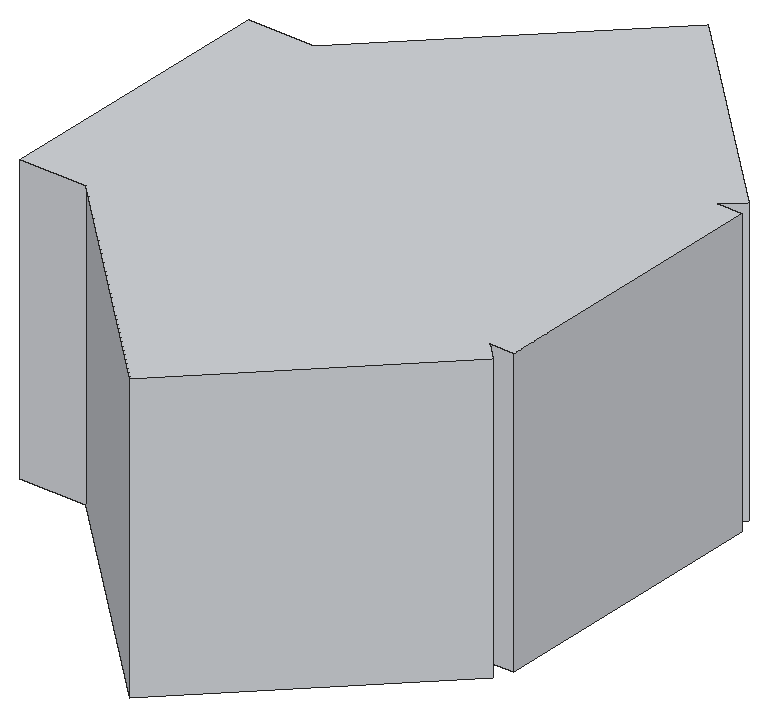
Revit family "M_Rectangular Double Wye", category Duct Fittings, Revit 2014
Parameters (values of type "Standard")
  Duct Width 4 [instance] = 300 mm
  Duct Width 3 [instance] = 300 mm
  Duct Width 1 [instance] = 300 mm
  built-in parameter 1114242 [instance] = 1
  Shoulder = 25 mm
  Length4a [instance] = if(Angle4 = 90.00°, (Duct Width 1 / 2), (Duct Width 1 / 2) / sin(Angle4) + (Duct Width 4) / (tan(Angle4) * 2))  # 362.132 mm
  Length4 [instance] = Length4a + Shoulder  # 387.132 mm
  Length3a [instance] = if(Angle3 = 90.00°, (Duct Width 1 / 2), (Duct Width 1 / 2) / sin(Angle3) + (Duct Width 3) / (tan(Angle3) * 2))  # 362.132 mm
  Length3 [instance] = Length3a + Shoulder  # 387.132 mm
  Length2b [instance] = (Length4a) * cos(Angle4) + (sin(Angle4) * (Duct Width 4 / 2))  # 362.132 mm
  Length2 [instance] = Length2c + Shoulder  # 387.132 mm
  Length2a [instance] = (Length3a) * cos(Angle3) + (sin(Angle3) * (Duct Width 3 / 2))  # 362.132 mm
  Length1b [instance] = Duct Width 3 * sin(Angle3) / 2  # 106.066 mm
  Length1a [instance] = Duct Width 4 * sin(Angle4) / 2  # 106.066 mm
  Length1 [instance] = if(Length1a > Length1b, Length1a + Shoulder, Length1b + Shoulder)  # 131.066 mm
  Length2c [instance] = if(Length2b > Length2a, Length2b, Length2a)  # 362.132 mm
  Duct Height [instance] = 300 mm
  Angle4 [instance] = 45.00°
  Angle3 [instance] = 45.00°
Reference planes
  plane 1 "Center (Front/Back)": y = 0
  plane 2: z = 0
  plane 3 "Center (Left/Right)": x = 0
  plane 4: x = -131.066
  plane 5: x = 387.132
  plane 6: x = -262.132
Forms (mm)
  Sweep 1, solid, detail levels medium+fine
    path in 3D
      loop
        line (-131.066, 0, 0) -> (0, 0, 0)
    profile "M_Duct - Rectangular : Duct - Rectangular 1" origin (-65.533, 0, 0) x (0, 1, 0) y (0, 0, 1)
      loop
        line (-150, 150) -> (-150, -150) -> (150, -150) -> (150, 150) -> (-150, 150)
  Sweep 2, solid, detail levels medium+fine
    path in 3D
      loop
        line (0, 0, 0) -> (387.132, 0, 0)
    profile "M_Duct - Rectangular : Duct - Rectangular 1" origin (193.566, 0, 0) x (0, 1, 0) y (0, 0, 1)
      loop
        line (-150, 150) -> (-150, -150) -> (150, -150) -> (150, 150) -> (-150, 150)
  Sweep 3, solid, detail levels medium+fine
    path in 3D
      loop
        line (0, 0, 0) -> (273.744, 273.744, 0)
    profile "M_Duct - Rectangular : Duct - Rectangular 3" origin (136.872, 136.872, 0) x (-0.707107, 0.707107, 0) y (0, 0, 1)
      loop
        line (-150, 150) -> (-150, -150) -> (150, -150) -> (150, 150) -> (-150, 150)
  Sweep 4, solid, detail levels medium+fine
    path in 3D
      loop
        line (0, 0, 0) -> (273.744, -273.744, 0)
    profile "M_Duct - Rectangular : Duct - Rectangular 4" origin (136.872, -136.872, 0) x (0.707107, 0.707107, 0) y (0, 0, 1)
      loop
        line (-150, 150) -> (-150, -150) -> (150, -150) -> (150, 150) -> (-150, 150)
  Sweep 5, void, detail levels coarse
    path in 3D
      loop
        line (-131.066, 0, 0) -> (-262.132, 0, 0)
    profile "M_Duct - Rectangular : Duct - Rectangular 1" origin (-196.599, 0, 0) x (0, -1, 0) y (0, 0, 1)
      loop
        line (-150, 150) -> (-150, -150) -> (150, -150) -> (150, 150) -> (-150, 150)
Cuts and joins
  Sweep 5 cuts Sweep 1
  Sweep 5 cuts Sweep 2
  Sweep 5 cuts Sweep 3
  Sweep 5 cuts Sweep 4
  joined: Sweep 1, Sweep 2, Sweep 3, Sweep 4
Lines and regions (mm)
  reference lines
    curve 1: line (-131.066, 0, 0) -> (0, 0, 0)
    curve 2: line (0, 0, 0) -> (387.132, 0, 0)
    curve 3: line (0, 0, 0) -> (273.744, 273.744, 0)
    curve 4: line (0, 0, 0) -> (273.744, -273.744, 0)
    curve 13: line (-131.066, 0, 0) -> (-262.132, 0, 0)
  sketch lines
    curve 5: line (-131.066, 0, 0) -> (0, 0, 0)
    curve 6: line (0, 0, 0) -> (387.132, 0, 0)
    curve 7: line (0, 0, 0) -> (273.744, 273.744, 0)
    curve 8: line (0, 0, 0) -> (273.744, -273.744, 0)
    curve 14: line (-131.066, 0, 0) -> (-262.132, 0, 0)
  model lines, style "DuctFitting", detail levels coarse
    curve 9: line (-131.066, 0, 0) -> (0, 0, 0)
    curve 10: line (0, 0, 0) -> (273.744, 273.744, 0)
    curve 11: line (0, 0, 0) -> (387.132, 0, 0)
    curve 12: line (0, 0, 0) -> (273.744, -273.744, 0)
Dimensions and locks
  "Length4": curve 4 to curve 4
  "Length3": curve 3 to curve 3
  "Length1": plane 4 to plane 3 "Center (Left/Right)"
  "Length2": plane 3 "Center (Left/Right)" to plane 5
  "Length3": curve 10 to curve 10
  "Length4": curve 12 to curve 12
  "Length1": plane 6 to plane 4
  "Angle3": angle plane 1 "Center (Front/Back)" to curve 3
  "Angle4": angle curve 4 to plane 1 "Center (Front/Back)"
  aligned and locked: plane 4 to curve 1
  aligned and locked: plane 1 "Center (Front/Back)" to curve 1
  aligned and locked: plane 5 to curve 2
  aligned and locked: plane 3 "Center (Left/Right)" to curve 2
  aligned and locked: plane 1 "Center (Front/Back)" to curve 2
  aligned and locked: curve 1 to curve 9
  aligned and locked: curve 10 to curve 3
  aligned and locked: curve 12 to curve 4
  aligned and locked: plane 4 to curve 9
  aligned and locked: plane 5 to curve 11
  aligned and locked: plane 6 to curve 13
Connectors
  hvac at (-131.066, 0, 0), driven by "Duct Height", driven by "Duct Width 1"
    settings: on Sweep 1, index 1, duct flow 0.0 L/s, flow factor 0, pres drop 0.0 Pa, loss coef 0, conn angle 0.00°, conn width 300 mm, conn height 300 mm, conn diameter 609.6 mm, duct sys type 28, conn prof type 1, flow config 0, flow direction 0, loss method 0, conn ref index 2, conn util no, is conn primary yes, conn desc ""
  hvac at (387.132, 0, 0), driven by "Duct Height", driven by "Duct Width 1"
    settings: on Sweep 2, index 2, duct flow 0.0 L/s, flow factor 0, pres drop 0.0 Pa, loss coef 0, conn angle 0.00°, conn width 300 mm, conn height 300 mm, conn diameter 609.6 mm, duct sys type 28, conn prof type 1, flow config 0, flow direction 0, loss method 0, conn ref index 1, conn util no, is conn primary no, conn desc ""
  hvac at (273.744, 273.744, 0), driven by "Angle3", driven by "Duct Height", driven by "Duct Width 3"
    settings: on Sweep 3, index 3, duct flow 0.0 L/s, flow factor 0, pres drop 0.0 Pa, loss coef 0, conn angle 45.00°, conn width 300 mm, conn height 300 mm, conn diameter 609.6 mm, duct sys type 28, conn prof type 1, flow config 0, flow direction 0, loss method 0, conn ref index -1, conn util no, is conn primary no, conn desc ""
  hvac at (273.744, -273.744, 0), driven by "Angle4", driven by "Duct Height", driven by "Duct Width 4"
    settings: on Sweep 4, index 4, duct flow 0.0 L/s, flow factor 0, pres drop 0.0 Pa, loss coef 0, conn angle 45.00°, conn width 300 mm, conn height 300 mm, conn diameter 609.6 mm, duct sys type 28, conn prof type 1, flow config 0, flow direction 0, loss method 0, conn ref index -1, conn util no, is conn primary no, conn desc ""
